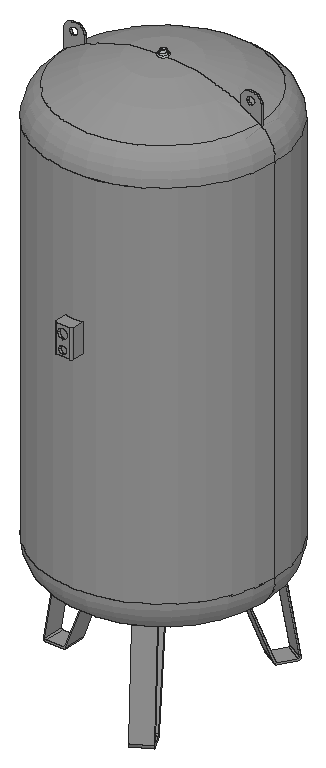
Revit family "WAV 2500", category Оборудование, Revit 2014
Parameters
  Описание = "Мембранный бак для водоснабжения V=2500л, Py=10бар, 2\""
  Материал = Синяя краска
  Масса кг = "307"
  Комментарии к типоразмеру = "WAV 2500"
  Изготовитель = "WESTER"  # constant formula
  URL = "http://www.wester.su/"
Reference planes
  plane 1 "По центру (Вперед/Назад)": y = 0
  plane 2: z = 0
  plane 3 "По центру (Влево/Вправо)": x = 0
Forms (mm)
  Revolve 1, solid, material "Синяя краска" <- "Материал"
    sketch origin (161.5, 0, 805.958) x (0, 0, 1) y (-1, 0, 0)
      loop
        line (-432.958, 161.5) -> (1944.073, 161.5)
        arc (1944.073, 161.5) -> (1909.572, 406.774) -> (1807.698, 632.542) r 874.665
        arc (1807.698, 632.542) -> (1746.054, 690.465) -> (1664.126, 711.51) r 169.999
        line (1664.126, 711.51) -> (-165.755, 711.51)
        arc (-165.755, 711.51) -> (-247.639, 690.463) -> (-309.226, 632.54) r 169.813
        arc (-309.226, 632.54) -> (-386.922, 478.121) -> (-432.958, 311.5) r 880.708
        line (-432.958, 311.5) -> (-432.958, 161.5)
      axis (-432.958, 161.5) -> (1944.073, 161.5)
    angle from 0 to 360
  Revolve 2, solid, material "Синяя краска" <- "Материал"
    sketch origin (0, 0, 609.559) x (-1, 0, 0) y (0, 0, -1)
      loop
        line (0, 236.559) -> (150, 236.559) -> (150, 256.559) -> (128.984, 256.559) -> (128.984, 264.574) -> (150, 264.574) -> (150, 274.559) -> (33.717, 274.559) -> (33.717, 324.559) -> (28.412, 324.559) -> (28.412, 274.516) -> (0, 274.516) -> (0, 236.559)
      axis (0, 324.559) -> (0, 236.559)
    angle from 0 to 360
  Revolve 3, solid
    sketch origin (0, 0, 2098.542) x (1, 0, 0) y (0, 0, 1)
      loop
        line (-13.204, 674.49) -> (-13.204, 663) -> (-18.475, 663) -> (-18.475, 656.503) -> (-23.985, 656.503) -> (-23.985, 651.489) -> (0, 651.489) -> (0, 653.751) -> (-7.729, 653.751) -> (-9.298, 655.32) -> (-9.298, 676.489) -> (-11.205, 676.489) -> (-13.204, 674.49)
      axis (0, 676.489) -> (0, 651.489)
    angle from 0 to 360
  Extrusion 4, solid, material "Синяя краска" <- "Материал"
    sketch origin (0, -96.875, 0) x (1, 0, 0) y (0, 1, 0)
      loop
        line (42.5, -508.664) -> (42.5, -446.792) -> (-42.5, -446.792) -> (-42.5, -508.664)
        arc (-42.5, -508.664) -> (-39.571, -515.735) -> (-32.5, -518.664) r 10
        line (-32.5, -518.664) -> (32.5, -518.664)
        arc (32.5, -518.664) -> (39.571, -515.735) -> (42.5, -508.664) r 10
    from 1690 to 1828
  Extrusion 5, void
    sketch origin (0, 0, 650) x (1, 0, 0) y (0, 0, 1)
      loop
        circle (0, 1139.927) r 25
      loop
        circle (0, 1069.302) r 20
    from 605 to 615.484
  Extrusion 6, solid, material "Синяя краска" <- "Материал"
    sketch origin (0, 0, 0) x (1, 0, 0) y (0, 0, 1)
      loop
        line (-283.491, 408.537) -> (-289.094, 410.684) -> (-442.65, 9.854)
        arc (-442.65, 9.854) -> (-444.853, 7.056) -> (-448.253, 6) r 6
        line (-448.253, 6) -> (-535.754, 6)
        arc (-535.754, 6) -> (-540.35, 8.143) -> (-541.667, 13.019) r 6
        line (-541.667, 13.019) -> (-459.237, 491.122) -> (-464.739, 494.523) -> (-547.58, 14.039)
        arc (-547.58, 14.039) -> (-544.932, 4.269) -> (-535.754, 0) r 12
        line (-535.754, 0) -> (-448.253, 0)
        arc (-448.253, 0) -> (-441.453, 2.113) -> (-437.047, 7.707) r 12
        line (-437.047, 7.707) -> (-283.491, 408.537)
    from -50 to 50
  Extrusion 7, solid, material "Синяя краска" <- "Материал"
    sketch origin (0, 0, 250) x (1, 0, 0) y (0, 0, 1)
      loop
        line (385, 2350) -> (485, 2350) -> (485, 2450)
        arc (485, 2450) -> (473.284, 2478.284) -> (445, 2490) r 40
        line (445, 2490) -> (425, 2490)
        arc (425, 2490) -> (396.716, 2478.284) -> (385, 2450) r 40
        line (385, 2450) -> (385, 2350)
      loop
        circle (434.904, 2450) r 20
      loop
        line (-385, 2350) -> (-385, 2450)
        arc (-385, 2450) -> (-396.716, 2478.284) -> (-425, 2490) r 40
        line (-425, 2490) -> (-445, 2490)
        arc (-445, 2490) -> (-473.284, 2478.284) -> (-485, 2450) r 40
        line (-485, 2450) -> (-485, 2350) -> (-385, 2350)
      loop
        circle (-434.904, 2450) r 20
    from -3.5 to 3.5
  Extrusion 8, solid, material "Синяя краска" <- "Материал"
    sketch origin (-0.007, 0.037, 0) x (-0.5, -0.866025, 0) y (0, 0, 1)
      loop
        line (-283.491, 408.537) -> (-289.094, 410.684) -> (-442.65, 9.854)
        arc (-442.65, 9.854) -> (-444.853, 7.056) -> (-448.253, 6) r 6
        line (-448.253, 6) -> (-535.754, 6)
        arc (-535.754, 6) -> (-540.35, 8.143) -> (-541.667, 13.019) r 6
        line (-541.667, 13.019) -> (-459.237, 491.122) -> (-464.739, 494.523) -> (-547.58, 14.039)
        arc (-547.58, 14.039) -> (-544.932, 4.269) -> (-535.754, 0) r 12
        line (-535.754, 0) -> (-448.253, 0)
        arc (-448.253, 0) -> (-441.453, 2.113) -> (-437.047, 7.707) r 12
        line (-437.047, 7.707) -> (-283.491, 408.537)
    from -50 to 50
  Extrusion 9, solid, material "Синяя краска" <- "Материал"
    sketch origin (-0.008, 0.002, 0) x (-0.5, 0.866025, 0) y (0, 0, 1)
      loop
        line (-283.491, 408.537) -> (-289.094, 410.684) -> (-442.65, 9.854)
        arc (-442.65, 9.854) -> (-444.853, 7.056) -> (-448.253, 6) r 6
        line (-448.253, 6) -> (-535.754, 6)
        arc (-535.754, 6) -> (-540.35, 8.143) -> (-541.667, 13.019) r 6
        line (-541.667, 13.019) -> (-459.237, 491.122) -> (-464.739, 494.523) -> (-547.58, 14.039)
        arc (-547.58, 14.039) -> (-544.932, 4.269) -> (-535.754, 0) r 12
        line (-535.754, 0) -> (-448.253, 0)
        arc (-448.253, 0) -> (-441.453, 2.113) -> (-437.047, 7.707) r 12
        line (-437.047, 7.707) -> (-283.491, 408.537)
    from -50 to 50
Cuts and joins
  Extrusion 5 cuts Extrusion 4
  joined: Revolve 1, Extrusion 4, Extrusion 7
Dimensions and locks
  aligned and locked: level to plane 2
Nested families
  nested 1: "Болт" at (0, -136.109, 335) x (0, 1, 0) z (0, 0, -1), type "Болт"
  nested 2: "Болт" at (-96.296, -96.14, 335) x (-0.2588, 0.9659, 0) z (0, 0, -1), type "Болт"
  nested 3: "Болт" at (-136.094, 0, 335) x (1, 0, 0) z (0, 0, -1), type "Болт"
  nested 4: "Болт" at (96.149, 96.195, 335) x (-0.2588, 0.9659, 0) z (0, 0, -1), type "Болт"
  nested 5: "Болт" at (-96.187, 96.221, 335) x (0.2588, 0.9659, 0) z (0, 0, -1), type "Болт"
  nested 6: "Болт" at (96.287, -96.207, 335) x (0.9659, 0.2588, 0) z (0, 0, -1), type "Болт"
  nested 7: "Болт" at (136.094, 0, 335) x (-1, 0, 0) z (0, 0, -1), type "Болт"
  nested 8: "Болт" at (0, 136.109, 335) x (0, -1, 0) z (0, 0, -1), type "Болт"
Connectors
  piping at (0, 0, 285), diameter 50
    settings: on Revolve 2, index 1, connector inside diameter 609.6 mm, connector length 0 mm, flow factor 0, pipe flow 0.0 L/s, pressure drop 0.0 Pa, fitting loss kfactor 0, connector angle 0.00°, fixture units 0, engagement length 0 mm, angle of deflection 0.00°, flow configuration 1, flow direction 0, fitting loss method 0, system type 29, joint type 0, gender type 0, connector reference index -1, connector utility 0, adjustable connector no, is connector primary yes, connector description ""
Definition of nested family "Болт"
  Parameters (values of type "Болт")
    Default Elevation = 1219.2 mm
    L [instance] = 30 mm
  Reference planes
    plane 1 "По центру (Вперед/Назад)": y = 0
    plane 2: z = 0
    plane 3 "По центру (Влево/Вправо)": x = 0
    plane 4: z = -30
  Forms (mm)
    Extrusion 1, solid
      sketch origin (0, 0, 0) x (1, 0, 0) y (0, 1, 0)
        loop
          line (-1219.2, 1219.2) -> (-1219.2, -1219.2) -> (1219.2, -1219.2) -> (1219.2, 1219.2) -> (-1219.2, 1219.2)
      from 0 to -304.8
    Extrusion 2, solid, detail levels medium+fine
      sketch origin (0, 0, 0) x (0, 1, 0) y (-1, 0, 0)
        loop
          line (-6.5, -3.753) -> (0, -7.506) -> (6.5, -3.753) -> (6.5, 3.753) -> (0, 7.506) -> (-6.5, 3.753) -> (-6.5, -3.753)
      from 0 to 5.3
    Extrusion 3, solid, detail levels medium+fine
      sketch origin (0, 0, 0) x (1, 0, 0) y (0, 1, 0)
        loop
          circle (0, 0) r 4
      from -30 to 0
    Revolve 4, void
      sketch origin (0, 0, 0) x (1, 0, 0) y (0, 0, 1)
        loop
          line (-7.506, 4.447) -> (-6.413, 5.3) -> (-7.506, 5.3) -> (-7.506, 4.447)
        axis (0, 5.3) -> (0, 4.3)
      angle from 0 to 360
    Revolve 5, void
      sketch origin (0, 0, -51.56) x (1, 0, 0) y (0, 0, 1)
        loop
          line (-4, 21.56) -> (-2.365, 21.56) -> (-4, 23.195) -> (-4, 21.56)
        axis (0, 23.195) -> (0, 21.56)
      angle from 0 to 360
  Cuts and joins
    Revolve 4 cuts Extrusion 2
    Revolve 5 cuts Extrusion 3
    joined: Extrusion 2, Extrusion 3
  Dimensions and locks
    Extrusion 1 to cut or joined group of Extrusion 2, Extrusion 3, Revolve 4, Revolve 5 = 30 mm
    "L": level to plane 4
    locked: Revolve 5 sketch curve to plane 4 at 1.635
    aligned and locked: plane 2 to Extrusion 1
    aligned and locked: level to Extrusion 1
    aligned and locked: Revolve 4 sketch curve to plane 3 "По центру (Влево/Вправо)"
    aligned and locked: cut or joined group of Extrusion 2, Extrusion 3, Revolve 4, Revolve 5 to Revolve 4 sketch curve
    aligned and locked: Extrusion 3 to plane 4
    aligned and locked: cut or joined group of Extrusion 2, Extrusion 3, Revolve 4, Revolve 5 to plane 4
  Automatic sketch dimensions
    Extrusion 1 sketch curve to Extrusion 1 sketch curve = 2438.4 mm  (x2)
    plane 1 "По центру (Вперед/Назад)" to Extrusion 2 sketch curve = 0 mm  (x2)
    plane 1 "По центру (Вперед/Назад)" to Extrusion 2 sketch curve = 6.5 mm
    Extrusion 2 sketch curve to plane 1 "По центру (Вперед/Назад)" = 6.5 mm
    plane 3 "По центру (Влево/Вправо)" to Extrusion 2 sketch curve = 7.506 mm
    plane 3 "По центру (Влево/Вправо)" to Extrusion 2 sketch curve = 3.753 mm  (x2)
    Extrusion 2 sketch curve to plane 3 "По центру (Влево/Вправо)" = 3.753 mm  (x2)
    Extrusion 2 sketch curve to plane 3 "По центру (Влево/Вправо)" = 7.506 mm
    plane 1 "По центру (Вперед/Назад)" to Extrusion 3 sketch curve = 0 mm
    Extrusion 3 sketch curve to plane 3 "По центру (Влево/Вправо)" = 0 mm
    Revolve 4 sketch curve to plane 3 "По центру (Влево/Вправо)" = 6.413 mm
    Revolve 4 sketch curve to Revolve 4 sketch curve = 1.092 mm
    Revolve 4 sketch curve to Revolve 4 sketch curve = 0.853 mm
    Revolve 4 sketch curve to plane 4 = 544.04 mm
    Revolve 4 sketch curve to Revolve 4 sketch curve = 2603.758 mm
    plane 3 "По центру (Влево/Вправо)" to Revolve 5 sketch curve = 0 mm
    Revolve 5 sketch curve to plane 3 "По центру (Влево/Вправо)" = 2.365 mm
    Revolve 5 sketch curve to Revolve 5 sketch curve = 1.635 mm  (x2)
    Revolve 5 sketch curve to plane 4 = 595.6 mm
    level to Revolve 5 sketch curve = 2557.498 mm
    radius of Extrusion 3 sketch curve = 4 mm
